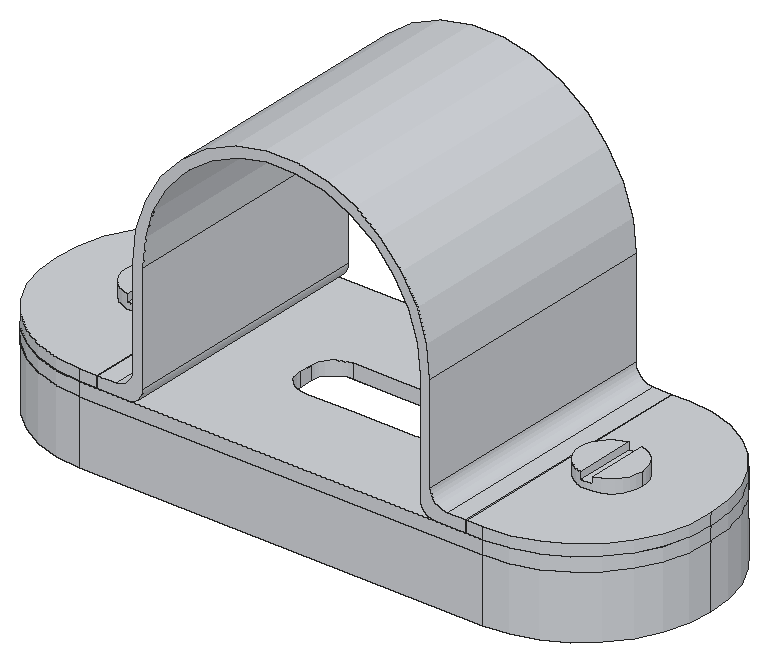
Revit family "SBS20WH", category Generic Models, Revit 2017
Family settings
  Can host rebar = No
  Round Connector Dimension = Use Diameter
  Part Type = Normal
  Work Plane-Based = Yes
  Always vertical = No
  Cut with Voids When Loaded = No
  Shared = No
  Room Calculation Point = No
Parameters (values of type "NBS Standard Parameters")
  Weight = "0.0205Kg"
  WarrantyStartDate [instance] = "1900-12-31T23:59:59"
  WarrantyGuarantorParts = "n/a"
  WarrantyGuarantorLabor = "n/a"
  WarrantyDurationUnit = "year"
  WarrantyDurationParts = "n/a"
  WarrantyDurationLabor = "n/a"
  WarrantyDescription = "n/a"
  Version = "1"
  Uniclass2 = "Pr_65_70_11_20"
  TagNumber [instance] = "n/a"
  SustainabilityPerformance = "n/a"
  Size = "20mm"
  Shape = "n/a"
  SerialNumber [instance] = "n/a"
  Revision = "n/a"
  ReplacementCost = "n/a"
  ProductInformation = "www.metpro.co.uk/pdf/sbs20wh.pdf"
  NominalWidth = 22 mm
  NominalLength = 57 mm
  NominalHeight = 23 mm
  Name = ""
  NBSTypeID = ""
  NBSReference = "90-55-10/460"
  NBSOfficeMasterTag = ""
  NBSNote = ""
  NBSDescription = "Conduit Fittings"
  NBSCertification = ""
  ModelReference = "SBS20WH"
  ModelNumber = "n/a"
  Material = "Pressed Steel"
  ManufacturerURL = "www.metpro.co.uk"
  ManufacturerName = "Metpro Ltd"
  Keynote = "RoHs Compliant"
  InstallationDate [instance] = "1900-12-31T23:59:59"
  IfcExportType = ""
  IfcExportAs = ""
  Grade = "n/a"
  Finish = "White"
  Features = "n/a"
  ExpectedLife = "n/a"
  DurationUnit = "year"
  Description = "SBS20WH - 20 mm Fire Resistant Spacer Bar Saddle"
  Default Elevation = 1219.2 mm
  Constituents = "n/a"
  Color = "n/a"
  CodePerformance = "n/a"
  Category = "n/a"
  BarCode [instance] = "n/a"
  BIMObjectName = "Metpro_metprolibrary_conduitfittings_metalcomponents_steelaccessories"
  Author = "Metpro Ltd"
  AssetType = ""
  AssetIdentifier [instance] = "n/a"
  AccessibilityPerformance = "n/a"
Reference planes
  plane 1 "Center (Front/Back)": y = 0
  plane 2: z = 0
  plane 3 "Center (Left/Right)": x = 0
Forms (mm)
  Extrusion 1, solid
    sketch origin (0, 7.377, 11.123) x (1, 0, 0) y (0, 0, 1)
      loop
        line (10, 0) -> (10, -7.931)
        arc (10, -7.931) -> (10.299, -8.654) -> (11.022, -8.953) r 1.022
        line (11.022, -8.953) -> (13.292, -8.953) -> (13.292, -8.137) -> (11.908, -8.137)
        arc (11.908, -8.137) -> (11.059, -7.785) -> (10.708, -6.937) r 1.2
        line (10.708, -6.937) -> (10.708, 0)
        arc (10.708, 0) -> (0, 10.708) -> (-10.708, 0) r 10.708
        line (-10.708, 0) -> (-10.708, -6.919)
        arc (-10.708, -6.919) -> (-11.064, -7.78) -> (-11.925, -8.137) r 1.217
        line (-11.925, -8.137) -> (-13.292, -8.137) -> (-13.292, -8.953) -> (-11.048, -8.953)
        arc (-11.048, -8.953) -> (-10.307, -8.646) -> (-10, -7.906) r 1.048
        line (-10, -7.906) -> (-10, 0)
        arc (-10, 0) -> (0, 10) -> (10, 0) r 10
    from 0 to 18.5
  Extrusion 2, solid
    sketch origin (-23.542, 7.377, 2.17) x (0, -1, 0) y (-1, 0, 0)
      loop
        arc (18.5, -9.004) -> (15.772, -2.548) -> (9.241, -0.004) r 9.004
        arc (9.241, -0.004) -> (2.723, -2.543) -> (0, -8.987) r 8.987
        line (0, -8.987) -> (0, -38.099)
        arc (0, -38.099) -> (2.721, -44.541) -> (9.237, -47.081) r 8.986
        arc (9.237, -47.081) -> (15.771, -44.534) -> (18.5, -38.073) r 9.012
        line (18.5, -38.073) -> (18.5, -9.004)
      loop
        line (11.669, -23.542) -> (11.669, -19.735)
        arc (11.669, -19.735) -> (11.157, -18.499) -> (9.921, -17.987) r 1.748
        line (9.921, -17.987) -> (8.961, -17.987)
        arc (8.961, -17.987) -> (7.772, -18.48) -> (7.279, -19.67) r 1.683
        line (7.279, -19.67) -> (7.279, -27.345)
        arc (7.279, -27.345) -> (7.781, -28.557) -> (8.994, -29.06) r 1.715
        line (8.994, -29.06) -> (9.979, -29.06)
        arc (9.979, -29.06) -> (11.174, -28.565) -> (11.669, -27.37) r 1.69
        line (11.669, -27.37) -> (11.669, -23.542)
    from 0 to 1
  Extrusion 3, solid
    sketch origin (-23.542, 7.377, 1.17) x (0, -1, 0) y (1, 0, 0)
      loop
        line (18.5, 9.004) -> (18.5, 38.073)
        arc (18.5, 38.073) -> (15.771, 44.534) -> (9.237, 47.081) r 9.012
        arc (9.237, 47.081) -> (2.721, 44.541) -> (0, 38.099) r 8.986
        line (0, 38.099) -> (0, 8.987)
        arc (0, 8.987) -> (2.723, 2.543) -> (9.241, 0.004) r 8.987
        arc (9.241, 0.004) -> (15.772, 2.548) -> (18.5, 9.004) r 9.004
      loop
        line (17.5, 9.004) -> (17.5, 38.073)
        arc (17.5, 38.073) -> (15.064, 43.826) -> (9.237, 46.081) r 8.012
        arc (9.237, 46.081) -> (3.429, 43.834) -> (1, 38.099) r 7.986
        line (1, 38.099) -> (1, 8.987)
        arc (1, 8.987) -> (3.43, 3.25) -> (9.241, 1.004) r 7.987
        arc (9.241, 1.004) -> (15.065, 3.255) -> (17.5, 9.004) r 8.004
    from 0 to -4.541
  Extrusion 4, solid
    sketch origin (10.708, 7.377, 2.986) x (1, 0, 0) y (0, 1, 0)
      loop
        line (-25.246, -18.5) -> (-24, -18.5) -> (-24, 0) -> (-25.263, 0)
        arc (-25.263, 0) -> (-31.707, -2.723) -> (-34.246, -9.241) r 8.987
        arc (-34.246, -9.241) -> (-31.702, -15.772) -> (-25.246, -18.5) r 9.004
      loop
        line (3.849, 0) -> (2.585, 0) -> (2.585, -18.5) -> (3.823, -18.5)
        arc (3.823, -18.5) -> (10.284, -15.771) -> (12.831, -9.237) r 9.012
        arc (12.831, -9.237) -> (10.291, -2.721) -> (3.849, 0) r 8.986
      loop
        circle (5.644, -9.237) r 1.585
      loop
        circle (-27.059, -9.237) r 1.585
    from 0 to -0.8
  Extrusion 5, solid
    sketch origin (10.708, 7.377, 2.986) x (1, 0, 0) y (0, 1, 0)
      loop
        circle (5.644, -9.237) r 2.242
      loop
        circle (-27.066, -9.237) r 2.242
    from 0 to 0.948
  Extrusion 6, void
    sketch origin (10.708, 7.377, 3.934) x (0, 1, 0) y (1, 0, 0)
      loop
        line (-11.916, -26.587) -> (-11.916, -27.451) -> (-6.427, -27.451) -> (-6.427, -26.587) -> (-11.916, -26.587)
      loop
        line (-11.916, 5.172) -> (-6.427, 5.172) -> (-6.427, 6.036) -> (-11.916, 6.036) -> (-11.916, 5.172)
    from 0 to 0.5
Cuts and joins
  Extrusion 6 cuts Extrusion 2
  Extrusion 6 cuts Extrusion 4
  Extrusion 6 cuts Extrusion 5
Dimensions and locks
  aligned and locked: level to plane 2
